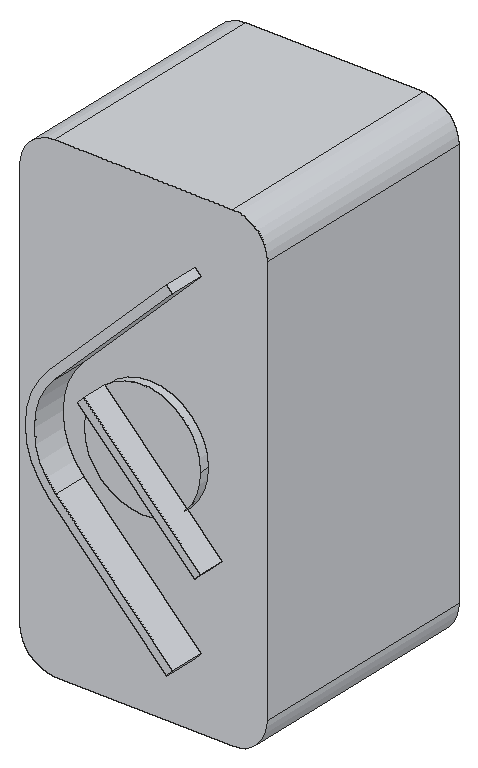
Revit family "EP_Single Pole & Neutral Isolator", category Electrical Fixtures, Revit 2013
Parameters (values of type "SP Isolator-wp")
  Width = 85 mm
  Load Classification [instance] = CWBP
  Height = 165 mm
  Depth = 82 mm
  Apparent Load [instance] = 0 W
Reference planes
  plane 1 "Center (Front/Back)": y = 0
  plane 2: z = 0
  plane 3 "Center (Left/Right)": x = 0
  plane 4: x = -42.5
  plane 5: x = 42.5
  plane 6 "Front": y = -82
  plane 7: z = 165
Forms (mm)
  Extrusion 1, solid
    sketch origin (0, 0, 0) x (1, 0, 0) y (0, 0, 1)
      loop
        arc (-42.5, 12) -> (-38.985, 3.515) -> (-30.5, 0) r 12
        line (-30.5, 0) -> (30.5, 0)
        arc (30.5, 0) -> (38.985, 3.515) -> (42.5, 12) r 12
        line (42.5, 12) -> (42.5, 153)
        arc (42.5, 153) -> (38.985, 161.485) -> (30.5, 165) r 12
        line (30.5, 165) -> (-30.5, 165)
        arc (-30.5, 165) -> (-38.985, 161.485) -> (-42.5, 153) r 12
        line (-42.5, 153) -> (-42.5, 12)
    from 0 to 82 <- "Depth"
  Extrusion 2, solid
    sketch origin (0, -82, 0) x (-1, 0, 0) y (0, 0, 1)
      loop
        line (22.701, 102.299) -> (-17.604, 142.604) -> (-19.725, 140.483) -> (20.58, 100.178)
        arc (20.58, 100.178) -> (27.902, 82.5) -> (20.58, 64.822) r 25
        line (20.58, 64.822) -> (-19.725, 24.517) -> (-17.604, 22.396) -> (22.701, 62.701)
        arc (22.701, 62.701) -> (30.902, 82.5) -> (22.701, 102.299) r 28
    from 0 to -12
  Extrusion 3, solid
    sketch origin (0, -82, 0) x (-1, 0, 0) y (0, 0, 1)
      loop
        circle (-2.098, 82.5) r 20
    from 0 to -3
  Extrusion 4, solid
    sketch origin (-57.722, -82, 25.647) x (-0.707107, 0, 0.707107) y (0.707107, 0, 0.707107)
      loop
        line (17.902, 84) -> (-38.92, 84) -> (-38.92, 81) -> (17.902, 81) -> (17.902, 84)
    from -12 to -3
  Extrusion 5, solid
    sketch origin (-20, 0, 0) x (1, 0, 0) y (0, 1, 0)
      loop
        circle (0, -41.508) r 8
      loop
        circle (0, -41.508) r 10
    from 0 to -3
  Extrusion 6, solid
    sketch origin (20, 0, 0) x (1, 0, 0) y (0, 1, 0)
      loop
        circle (0, -41.508) r 8
      loop
        circle (0, -41.508) r 10
    from 0 to -3
Lines and regions (mm)
  model lines
    curve 1: circle (-28.947, -82, 152.662) r 5 normal (0, 1, 0)
    curve 2: line (-33.947, -82, 152.662) -> (-23.947, -82, 152.662)
    curve 3: circle (28.947, -82, 152.662) r 5 normal (0, -1, 0)
    curve 4: line (33.947, -82, 152.662) -> (23.947, -82, 152.662)
    curve 5: circle (-28.947, -82, 12.338) r 5 normal (0, -1, 0)
    curve 6: line (-33.947, -82, 12.338) -> (-23.947, -82, 12.338)
    curve 7: circle (28.947, -82, 12.338) r 5 normal (0, 1, 0)
    curve 8: line (33.947, -82, 12.338) -> (23.947, -82, 12.338)
Dimensions and locks
  "Height": plane 7 to level
  "Width": plane 4 to plane 5
  equal spacing: plane 4, plane 3 "Center (Left/Right)", plane 5
  "Depth": plane 1 "Center (Front/Back)" to plane 6 "Front"
  aligned and locked: level to plane 2
Automatic sketch dimensions
  Extrusion 1 sketch curve to plane 4 = 0 mm
  Extrusion 1 sketch curve to level = 0 mm
  Extrusion 1 sketch curve to plane 7 = 0 mm
  Extrusion 1 sketch curve to plane 5 = 0 mm
  level to Extrusion 1 sketch curve = 12 mm
  plane 4 to Extrusion 1 sketch curve = 12 mm
  Extrusion 1 sketch curve to plane 5 = 12 mm  (x2)
  Extrusion 2 sketch curve to Extrusion 2 sketch curve = 0 mm  (x2)
  plane 3 "Center (Left/Right)" to Extrusion 2 sketch curve = 19.725 mm  (x2)
  level to Extrusion 2 sketch curve = 22.396 mm
  Extrusion 2 sketch curve to Extrusion 2 sketch curve = 2.121 mm  (x5)
  Extrusion 2 sketch curve to plane 3 "Center (Left/Right)" = 20.58 mm  (x2)
  Extrusion 2 sketch curve to plane 3 "Center (Left/Right)" = 2.902 mm
  Extrusion 2 sketch curve to Extrusion 2 sketch curve = 35.355 mm
  plane 3 "Center (Left/Right)" to Extrusion 3 sketch curve = 2.098 mm
  level to Extrusion 3 sketch curve = 82.5 mm
  Extrusion 4 sketch curve to plane 5 = 13.304 mm
  level to Extrusion 4 sketch curve = 57.524 mm
  Extrusion 4 sketch curve to plane 3 "Center (Left/Right)" = 13.105 mm
  Extrusion 4 sketch curve to plane 7 = 69.419 mm
  curve 8 to plane 5 = 8.553 mm
  curve 4 to plane 5 = 8.553 mm
  curve 4 to curve 3 = 5 mm
  curve 8 to curve 7 = 5 mm
  plane 4 to curve 2 = 18.553 mm
  plane 4 to curve 6 = 18.553 mm
  curve 6 to curve 5 = 5 mm
  curve 2 to curve 1 = 5 mm
  level to curve 5 = 12.338 mm
  level to curve 8 = 12.338 mm
  curve 7 to curve 8 = 0 mm
  curve 6 to curve 5 = 0 mm
  curve 4 to plane 7 = 12.338 mm
  curve 3 to curve 4 = 0 mm
  curve 2 to plane 7 = 12.338 mm
  curve 1 to curve 2 = 0 mm
  Extrusion 5 sketch curve to Extrusion 5 sketch curve = 0 mm  (x2)
  plane 4 to Extrusion 5 sketch curve = 22.5 mm
  plane 6 "Front" to Extrusion 5 sketch curve = 40.492 mm
  Extrusion 6 sketch curve to Extrusion 6 sketch curve = 0 mm  (x2)
  Extrusion 6 sketch curve to plane 5 = 22.5 mm
  plane 6 "Front" to Extrusion 6 sketch curve = 40.492 mm
  radius of Extrusion 3 sketch curve = 20 mm
  radius of Extrusion 5 sketch curve = 8 mm
  radius of Extrusion 5 sketch curve = 10 mm
  radius of Extrusion 6 sketch curve = 8 mm
  radius of Extrusion 6 sketch curve = 10 mm
Nested families
  nested 1: "EP_SP_ISO" at (-20.082, 0, 0) x (-1, 0, 0) z (0, 0, 1), type "EP_SP_ISO"
Connectors
  electrical at (-20, -41.508, -3), driven by "Apparent Load", driven by "Load Classification"
    settings: on Extrusion 5, index 1, voltage 480 V, apparent load 0 VA, apparent load phase1 0 VA, apparent load phase2 0 VA, apparent load phase3 0 VA, power factor 1, load classification "CWBP", number of poles 3, system type 30, power factor state 1, is connector primary yes, connector utility no, sub classification motor no, connector description ""
Definition of nested family "EP_SP_ISO"
  Reference planes
    plane 1: y = 0
    plane 2: x = 0
  Lines and regions (mm)
    detail lines, style "Power Symbols"
      curve 1: line (-1.5, 0, 0) -> (1.5, 0, 0)
      curve 2: line (1.5, 0, 0) -> (1.5, 3, 0)
      curve 3: line (1.5, 3, 0) -> (-1.5, 3, 0)
      curve 4: line (-1.5, 3, 0) -> (-1.5, 0, 0)
      curve 5: line (0, 3, 0) -> (0, 4.5, 0)
      curve 6: line (0, 4.5, 0) -> (1.5, 4.5, 0)
      curve 7: line (-1.5, 3, 0) -> (1.5, 0, 0)
